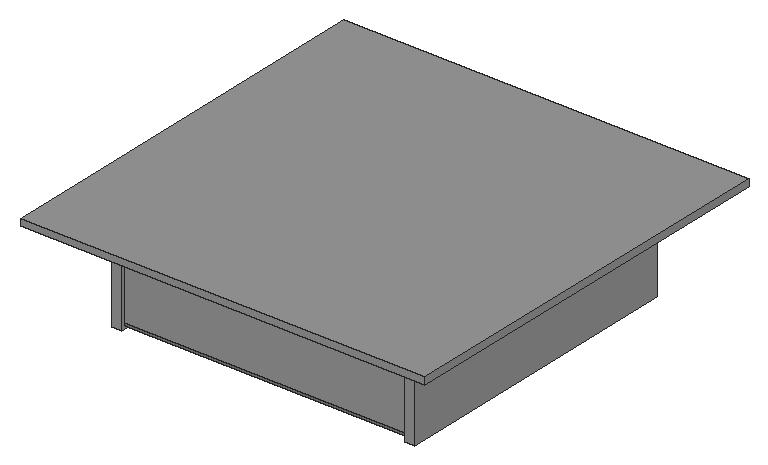
Revit family "Berica 2.0 M", category Lighting Fixtures, Revit 2020 (continued)
Definition of nested family "Light Source Berica 2.0"
  Parameters (values of type "L 45°x96°")
       24.87 25.22 25.72 26.25 \r\n26.85 27.36 28.03 28.61 29.32 30.01 30.82 31.59 32.40 \r\n33.34 34.09 35.02 35.83 36.75 37.63 38.51 39.51 40.42 \r\n41.37 42.26 43.28 44.23 45.18 46.15 47.36 48.49 49.77 \r\n50.93 52.11 53.32 54.40 55.62 56.69 57.76 58.81 59.88 \r\n61.04 62.09 63.04 64.12 65.31 66.67 67.90 69.45 70.95 \r\n72.72 74.62 76.53 78.93 81.13 83.95 86.83 89.98 93.65 \r\n97.55 101.47 105.59 110.58 115.98 121.40 127.16 133.38 \r\n139.61 145.98 152.16 158.51 164.65 170.96 176.90 182.81 \r\n188.20 193.74 198.38 202.68 206.83 210.39 213.80 216.68 \r\n219.05 221.11 222.67 223.68 224.33 224.73 224.84 224.51 \r\n224.51 224.85 224.73 224.18 223.52 222.40 220.61 218.57 \r\n215.64 212.60 209.11 204.76 200.48 195.58 190.08 184.61 \r\n178.64 172.82 166.11 159.75 153.03 146.76 140.07 133.58 \r\n127.42 121.25 115.82 110.35 105.36 100.56 96.94 93.05 \r\n89.65 86.24 83.60 80.91 78.50 76.33 74.23 72.52 70.88 \r\n69.35 67.96 66.70 65.52 64.55 63.76 62.81 61.73 60.80 \r\n59.79 58.87 58.04 57.02 55.96 54.87 53.75 52.63 51.62 \r\n50.45 49.42 48.33 47.44 46.51 45.67 44.76 43.94 42.93 \r\n42.13 41.21 40.38 39.58 38.68 37.88 37.00 36.19 35.39 \r\n34.55 33.83 33.01 32.32 31.59 30.88 30.25 29.73 29.02 \r\n28.48 27.79 27.16 26.82 26.63 26.82 27.16 27.79 28.48 \r\n29.02 29.73 30.25 30.88 31.59 32.32 33.01 33.83 34.55 \r\n35.39 36.19 37.00 37.88 38.68 39.58 40.38 41.21 42.13 \r\n42.93 43.94 44.76 45.67 46.51 47.44 48.33 49.42 50.45 \r\n51.62 52.63 53.75 54.87 55.96 57.02 58.04 58.87 59.79 \r\n60.80 61.73 62.81 63.76 64.55 65.52 66.70 67.96 69.35 \r\n70.88 72.52 74.23 76.33 78.50 80.91 83.60 86.24 89.65 \r\n93.05 96.94 100.56 105.36 110.35 115.82 121.25 127.42 \r\n133.58 140.07 146.76 153.03 159.75 166.11 172.82 178.64 \r\n184.61 190.08 195.58 200.48 204.76 209.11 212.60 215.64 \r\n218.57 220.61 222.40 223.52 224.18 224.73 224.85 224.51 \r\n224.51 224.85 224.62 224.09 223.41 222.02 220.24 217.52 \r\n214.56 211.18 207.43 203.18 198.07 192.98 187.63 181.13 \r\n174.94 168.52 161.77 155.07 148.43 141.32 135.10 128.54 \r\n122.44 116.58 110.87 105.84 101.04 96.81 93.22 89.60 \r\n86.43 83.55 80.74 78.48 76.23 74.35 72.55 70.92 69.42 \r\n68.10 66.95 65.83 65.00 64.30 63.41 62.54 61.67 60.82 \r\n60.07 59.30 58.43 57.43 56.39 55.48 54.46 53.42 52.39 \r\n51.42 50.53 49.60 48.89 47.97 47.18 46.38 45.52 44.77 \r\n43.94 43.10 42.24 41.44 40.61 39.89 39.06 38.27 37.51 \r\n36.63 35.88 35.14 34.45 33.71 33.03 32.38 31.78 31.07 \r\n30.49 29.51 28.91 28.52 28.38 28.52 28.91 29.51 30.49 \r\n31.07 31.78 32.38 33.03 33.71 34.45 35.14 35.88 36.63 \r\n37.51 38.27 39.06 39.89 40.61 41.44 42.24 43.10 43.94 \r\n44.77 45.52 46.38 47.18 47.97 48.89 49.60 50.53 51.42 \r\n52.39 53.42 54.46 55.48 56.39 57.43 58.43 59.30 60.07 \r\n60.82 61.67 62.54 63.41 64.30 65.00 65.83 66.95 68.10 \r\n69.42 70.92 72.55 74.35 76.23 78.48 80.74 83.55 86.43 \r\n89.60 93.22 96.81 101.04 105.84 110.87 116.58 122.44 \r\n128.54 135.10 141.32 148.43 155.07 161.77 168.52 174.94 \r\n181.13 187.63 192.98 198.07 203.18 207.43 211.18 214.56 \r\n217.52 220.24 222.02 223.41 224.09 224.62 224.85 224.51 \r\n224.51 224.83 224.54 224.06 223.17 221.81 219.64 217.04 \r\n213.90 210.13 206.10 201.47 196.65 190.89 184.51 178.42 \r\n172.12 164.92 158.06 151.34 144.30 137.30 131.25 124.47 \r\n118.46 112.58 107.27 102.21 97.74 93.80 90.27 86.92 84.10 \r\n81.32 78.78 76.59 74.70 72.86 71.29 69.88 68.50 67.43 \r\n66.22 65.61 64.89 64.12 63.26 62.51 61.83 61.24 60.57 \r\n59.80 58.94 57.99 57.12 56.13 55.26 54.33 53.43 52.51 \r\n51.81 51.07 50.31 49.51 48.78 48.11 47.22 46.48 45.65 \r\n44.92 44.07 43.33 42.55 41.80 40.95 40.20 39.36 38.54 \r\n37.81 37.04 36.32 35.60 34.92 34.20 33.54 32.76 31.97 \r\n31.09 30.27 29.95 29.82 29.95 30.27 31.09 31.97 32.76 \r\n33.54 34.20 34.92 35.60 36.32 37.04 37.81 38.54 39.36 \r\n40.20 40.95 41.80 42.55 43.33 44.07 44.92 45.65 46.48 \r\n47.22 48.11 48.78 49.51 50.31 51.07 51.81 52.51 53.43 \r\n54.33 55.26 56.13 57.12 57.99 58.94 59.80 60.57 61.24 \r\n61.83 62.51 63.26 64.12 64.89 65.61 66.22 67.43 68.50 \r\n69.88 71.29 72.86 74.70 76.59 78.78 81.32 84.10 86.92 \r\n90.27 93.80 97.74 102.21 107.27 112.58 118.46 124.47 \r\n131.25 137.30 144.30 151.34 158.06 164.92 172.12 178.42 \r\n184.51 190.89 196.65 201.47 206.10 210.13 213.90 217.04 \r\n219.64 221.81 223.17 224.06 224.54 224.83 224.51 \r\n224.51 224.75 224.51 223.94 223.03 221.55 219.24 216.55 \r\n213.16 209.15 204.90 199.87 194.58 188.95 182.79 176.28 \r\n169.52 162.08 155.17 147.92 141.30 134.27 127.71 121.44 \r\n115.01 109.51 104.34 99.68 95.12 91.51 88.24 85.18 82.24 \r\n79.73 77.36 75.24 73.46 71.75 70.24 68.97 67.74 66.75 \r\n66.00 65.40 64.63 63.95 63.40 62.80 62.26 61.72 61.03 \r\n60.19 59.40 58.53 57.71 56.84 55.98 55.12 54.36 53.59 \r\n53.01 52.30 51.59 50.91 50.14 49.48 48.69 47.98 47.25 \r\n46.50 45.67 45.01 44.16 43.42 42.52 41.77 40.95 40.12 \r\n39.41 38.66 37.88 37.13 36.45 35.62 34.97 34.13 33.25 \r\n32.17 31.36 30.97 30.97 30.97 31.36 32.17 33.25 34.13 \r\n34.97 35.62 36.45 37.13 37.88 38.66 39.41 40.12 40.95 \r\n41.77 42.52 43.42 44.16 45.01 45.67 46.50 47.25 47.98 \r\n48.69 49.48 50.14 50.91 51.59 52.30 53.01 53.59 54.36 \r\n55.12 55.98 56.84 57.71 58.53 59.40 60.19 61.03 61.72 \r\n62.26 62.80 63.40 63.95 64.63 65.40 66.00 66.75 67.74 \r\n68.97 70.24 71.75 73.46 75.24 77.36 79.73 82.24 85.18 \r\n88.24 91.51 95.12 99.68 104.34 109.51 115.01 121.44 \r\n127.71 134.27 141.30 147.92 155.17 162.08 169.52 176.28 \r\n182.79 188.95 194.58 199.87 204.90 209.15 213.16 216.55 \r\n219.24 221.55 223.03 223.94 224.51 224.75 224.51 \r\n224.51 224.74 224.43 223.90 222.92 221.40 219.10 216.10 \r\n212.63 208.61 203.97 199.16 193.51 187.47 180.94 174.36 \r\n167.23 160.65 153.18 145.68 139.06 131.68 125.25 118.68 \r\n113.06 107.21 102.22 97.94 93.63 89.78 86.71 83.78 80.99 \r\n78.37 76.23 74.33 72.46 70.91 69.51 68.30 67.17 66.33 \r\n65.75 65.12 64.57 64.03 63.49 63.00 62.59 62.01 61.34 \r\n60.65 59.80 59.01 58.20 57.45 56.67 55.82 55.15 54.56 \r\n53.87 53.29 52.59 51.96 51.27 50.55 49.95 49.22 48.44 \r\n47.75 46.97 46.20 45.45 44.62 43.86 43.03 42.22 41.47 \r\n40.61 39.82 38.99 38.27 37.53 36.84 35.95 35.17 34.15 \r\n32.98 32.14 31.81 31.74 31.81 32.14 32.98 34.15 35.17 \r\n35.95 36.84 37.53 38.27 38.99 39.82 40.61 41.47 42.22 \r\n43.03 43.86 44.62 45.45 46.20 46.97 47.75 48.44 49.22 \r\n49.95 50.55 51.27 51.96 52.59 53.29 53.87 54.56 55.15 \r\n55.82 56.67 57.45 58.20 59.01 59.80 60.65 61.34 62.01 \r\n62.59 63.00 63.49 64.03 64.57 65.12 65.75 66.33 67.17 \r\n68.30 69.51 70.91 72.46 74.33 76.23 78.37 80.99 83.78 \r\n86.71 89.78 93.63 97.94 102.22 107.21 113.06 118.68 \r\n125.25 131.68 139.06 145.68 153.18 160.65 167.23 174.36 \r\n180.94 187.47 193.51 199.16 203.97 208.61 212.63 216.10 \r\n219.10 221.40 222.92 223.90 224.43 224.74 224.51 \r\n224.51 224.69 224.46 223.78 222.88 221.10 218.81 215.70 \r\n212.30 208.20 203.50 198.02 192.85 186.72 180.01 173.12 \r\n166.27 159.24 151.67 144.53 137.56 130.11 123.71 117.48 \r\n111.63 106.23 101.14 96.57 92.56 88.84 85.66 82.75 80.12 \r\n77.78 75.61 73.69 71.99 70.37 69.10 67.87 66.78 66.05 \r\n65.44 64.95 64.53 64.05 63.61 63.15 62.69 62.14 61.46 \r\n60.75 60.00 59.18 58.48 57.73 57.00 56.25 55.63 55.04 \r\n54.47 53.82 53.21 52.59 51.88 51.25 50.59 49.85 49.18 \r\n48.39 47.70 46.88 46.19 45.28 44.57 43.72 42.89 42.12 \r\n41.22 40.52 39.73 38.97 38.18 37.38 36.62 35.64 34.61 \r\n33.49 32.49 32.29 32.16 32.29 32.49 33.49 34.61 35.64 \r\n36.62 37.38 38.18 38.97 39.73 40.52 41.22 42.12 42.89 \r\n43.72 44.57 45.28 46.19 46.88 47.70 48.39 49.18 49.85 \r\n50.59 51.25 51.88 52.59 53.21 53.82 54.47 55.04 55.63 \r\n56.25 57.00 57.73 58.48 59.18 60.00 60.75 61.46 62.14 \r\n62.69 63.15 63.61 64.05 64.53 64.95 65.44 66.05 66.78 \r\n67.87 69.10 70.37 71.99 73.69 75.61 77.78 80.12 82.75 \r\n85.66 88.84 92.56 96.57 101.14 106.23 111.63 117.48 \r\n123.71 130.11 137.56 144.53 151.67 159.24 166.27 173.12 \r\n180.01 186.72 192.85 198.02 203.50 208.20 212.30 215.70 \r\n218.81 221.10 222.88 223.78 224.46 224.69 224.51 \r\n224.51 224.52 224.12 223.51 222.21 220.27 217.90 214.88 \r\n211.09 206.84 201.88 196.44 190.50 185.22 178.05 171.58 \r\n164.32 157.55 149.52 143.11 135.34 128.78 122.08 115.76 \r\n109.84 104.79 99.84 95.64 91.63 88.04 84.87 82.15 79.31 \r\n77.31 75.19 73.28 71.60 70.22 68.86 67.78 66.65 65.83 \r\n65.40 64.96 64.60 64.27 63.79 63.38 62.88 62.35 61.69 \r\n60.96 60.13 59.44 58.71 57.98 57.22 56.48 55.90 55.32 \r\n54.79 54.06 53.50 52.80 52.19 51.50 50.82 50.08 49.45 \r\n48.64 47.94 47.16 46.33 45.50 44.83 43.77 43.09 42.25 \r\n41.37 40.58 39.76 38.95 38.26 37.42 36.55 35.56 34.30 \r\n33.23 32.44 32.29 32.23 32.29 32.44 33.23 34.30 35.56 \r\n36.55 37.42 38.26 38.95 39.76 40.58 41.37 42.25 43.09 \r\n43.77 44.83 45.50 46.33 47.16 47.94 48.64 49.45 50.08 \r\n50.82 51.50 52.19 52.80 53.50 54.06 54.79 55.32 55.90 \r\n56.48 57.22 57.98 58.71 59.44 60.13 60.96 61.69 62.35 \r\n62.88 63.38 63.79 64.27 64.60 64.96 65.40 65.83 66.65 \r\n67.78 68.86 70.22 71.60 73.28 75.19 77.31 79.31 82.15 \r\n84.87 88.04 91.63 95.64 99.84 104.79 109.84 115.76 122.08 \r\n128.78 135.34 143.11 149.52 157.55 164.32 171.58 178.05 \r\n185.22 190.50 196.44 201.88 206.84 211.09 214.88 217.90 \r\n220.27 222.21 223.51 224.12 224.52 224.51 \r\n224.51 224.69 224.46 223.78 222.88 221.10 218.81 215.70 \r\n212.30 208.20 203.50 198.02 192.85 186.72 180.01 173.12 \r\n166.27 159.24 151.67 144.53 137.56 130.11 123.71 117.48 \r\n111.63 106.23 101.14 96.57 92.56 88.84 85.66 82.75 80.12 \r\n77.78 75.61 73.69 71.99 70.37 69.10 67.87 66.78 66.05 \r\n65.44 64.95 64.53 64.05 63.61 63.15 62.69 62.14 61.46 \r\n60.75 60.00 59.18 58.48 57.73 57.00 56.25 55.63 55.04 \r\n54.47 53.82 53.21 52.59 51.88 51.25 50.59 49.85 49.18 \r\n48.39 47.70 46.88 46.19 45.28 44.57 43.72 42.89 42.12 \r\n41.22 40.52 39.73 38.97 38.18 37.38 36.62 35.64 34.61 \r\n33.49 32.49 32.29 32.16 32.29 32.49 33.49 34.61 35.64 \r\n36.62 37.38 38.18 38.97 39.73 40.52 41.22 42.12 42.89 \r\n43.72 44.57 45.28 46.19 46.88 47.70 48.39 49.18 49.85 \r\n50.59 51.25 51.88 52.59 53.21 53.82 54.47 55.04 55.63 \r\n56.25 57.00 57.73 58.48 59.18 60.00 60.75 61.46 62.14 \r\n62.69 63.15 63.61 64.05 64.53 64.95 65.44 66.05 66.78 \r\n67.87 69.10 70.37 71.99 73.69 75.61 77.78 80.12 82.75 \r\n85.66 88.84 92.56 96.57 101.14 106.23 111.63 117.48 \r\n123.71 130.11 137.56 144.53 151.67 159.24 166.27 173.12 \r\n180.01 186.72 192.85 198.02 203.50 208.20 212.30 215.70 \r\n218.81 221.10 222.88 223.78 224.46 224.69 224.51 \r\n224.51 224.74 224.43 223.90 222.92 221.40 219.10 216.10 \r\n212.63 208.61 203.97 199.16 193.51 187.47 180.94 174.36 \r\n167.23 160.65 153.18 145.68 139.06 131.68 125.25 118.68 \r\n113.06 107.21 102.22 97.94 93.63 89.78 86.71 83.78 80.99 \r\n78.37 76.23 74.33 72.46 70.91 69.51 68.30 67.17 66.33 \r\n65.75 65.12 64.57 64.03 63.49 63.00 62.59 62.01 61.34 \r\n60.65 59.80 59.01 58.20 57.45 56.67 55.82 55.15 54.56 \r\n53.87 53.29 52.59 51.96 51.27 50.55 49.95 49.22 48.44 \r\n47.75 46.97 46.20 45.45 44.62 43.86 43.03 42.22 41.47 \r\n40.61 39.82 38.99 38.27 37.53 36.84 35.95 35.17 34.15 \r\n32.98 32.14 31.81 31.74 31.81 32.14 32.98 34.15 35.17 \r\n35.95 36.84 37.53 38.27 38.99 39.82 40.61 41.47 42.22 \r\n43.03 43.86 44.62 45.45 46.20 46.97 47.75 48.44 49.22 \r\n49.95 50.55 51.27 51.96 52.59 53.29 53.87 54.56 55.15 \r\n55.82 56.67 57.45 58.20 59.01 59.80 60.65 61.34 62.01 \r\n62.59 63.00 63.49 64.03 64.57 65.12 65.75 66.33 67.17 \r\n68.30 69.51 70.91 72.46 74.33 76.23 78.37 80.99 83.78 \r\n86.71 89.78 93.63 97.94 102.22 107.21 113.06 118.68 \r\n125.25 131.68 139.06 145.68 153.18 160.65 167.23 174.36 \r\n180.94 187.47 193.51 199.16 203.97 208.61 212.63 216.10 \r\n219.10 221.40 222.92 223.90 224.43 224.74 224.51 \r\n224.51 224.75 224.51 223.94 223.03 221.55 219.24 216.55 \r\n213.16 209.15 204.90 199.87 194.58 188.95 182.79 176.28 \r\n169.52 162.08 155.17 147.92 141.30 134.27 127.71 121.44 \r\n115.01 109.51 104.34 99.68 95.12 91.51 88.24 85.18 82.24 \r\n79.73 77.36 75.24 73.46 71.75 70.24 68.97 67.74 66.75 \r\n66.00 65.40 64.63 63.95 63.40 62.80 62.26 61.72 61.03 \r\n60.19 59.40 58.53 57.71 56.84 55.98 55.12 54.36 53.59 \r\n53.01 52.30 51.59 50.91 50.14 49.48 48.69 47.98 47.25 \r\n46.50 45.67 45.01 44.16 43.42 42.52 41.77 40.95 40.12 \r\n39.41 38.66 37.88 37.13 36.45 35.62 34.97 34.13 33.25 \r\n32.17 31.36 30.97 30.97 30.97 31.36 32.17 33.25 34.13 \r\n34.97 35.62 36.45 37.13 37.88 38.66 39.41 40.12 40.95 \r\n41.77 42.52 43.42 44.16 45.01 45.67 46.50 47.25 47.98 \r\n48.69 49.48 50.14 50.91 51.59 52.30 53.01 53.59 54.36 \r\n55.12 55.98 56.84 57.71 58.53 59.40 60.19 61.03 61.72 \r\n62.26 62.80 63.40 63.95 64.63 65.40 66.00 66.75 67.74 \r\n68.97 70.24 71.75 73.46 75.24 77.36 79.73 82.24 85.18 \r\n88.24 91.51 95.12 99.68 104.34 109.51 115.01 121.44 \r\n127.71 134.27 141.30 147.92 155.17 162.08 169.52 176.28 \r\n182.79 188.95 194.58 199.87 204.90 209.15 213.16 216.55 \r\n219.24 221.55 223.03 223.94 224.51 224.75 224.51 \r\n224.51 224.83 224.54 224.06 223.17 221.81 219.64 217.04 \r\n213.90 210.13 206.10 201.47 196.65 190.89 184.51 178.42 \r\n172.12 164.92 158.06 151.34 144.30 137.30 131.25 124.47 \r\n118.46 112.58 107.27 102.21 97.74 93.80 90.27 86.92 84.10 \r\n81.32 78.78 76.59 74.70 72.86 71.29 69.88 68.50 67.43 \r\n66.22 65.61 64.89 64.12 63.26 62.51 61.83 61.24 60.57 \r\n59.80 58.94 57.99 57.12 56.13 55.26 54.33 53.43 52.51 \r\n51.81 51.07 50.31 49.51 48.78 48.11 47.22 46.48 45.65 \r\n44.92 44.07 43.33 42.55 41.80 40.95 40.20 39.36 38.54 \r\n37.81 37.04 36.32 35.60 34.92 34.20 33.54 32.76 31.97 \r\n31.09 30.27 29.95 29.82 29.95 30.27 31.09 31.97 32.76 \r\n33.54 34.20 34.92 35.60 36.32 37.04 37.81 38.54 39.36 \r\n40.20 40.95 41.80 42.55 43.33 44.07 44.92 45.65 46.48 \r\n47.22 48.11 48.78 49.51 50.31 51.07 51.81 52.51 53.43 \r\n54.33 55.26 56.13 57.12 57.99 58.94 59.80 60.57 61.24 \r\n61.83 62.51 63.26 64.12 64.89 65.61 66.22 67.43 68.50 \r\n69.88 71.29 72.86 74.70 76.59 78.78 81.32 84.10 86.92 \r\n90.27 93.80 97.74 102.21 107.27 112.58 118.46 124.47 \r\n131.25 137.30 144.30 151.34 158.06 164.92 172.12 178.42 \r\n184.51 190.89 196.65 201.47 206.10 210.13 213.90 217.04 \r\n219.64 221.81 223.17 224.06 224.54 224.83 224.51 \r\n224.51 224.85 224.62 224.09 223.41 222.02 220.24 217.52 \r\n214.56 211.18 207.43 203.18 198.07 192.98 187.63 181.13 \r\n174.94 168.52 161.77 155.07 148.43 141.32 135.10 128.54 \r\n122.44 116.58 110.87 105.84 101.04 96.81 93.22 89.60 \r\n86.43 83.55 80.74 78.48 76.23 74.35 72.55 70.92 69.42 \r\n68.10 66.95 65.83 65.00 64.30 63.41 62.54 61.67 60.82 \r\n60.07 59.30 58.43 57.43 56.39 55.48 54.46 53.42 52.39 \r\n51.42 50.53 49.60 48.89 47.97 47.18 46.38 45.52 44.77 \r\n43.94 43.10 42.24 41.44 40.61 39.89 39.06 38.27 37.51 \r\n36.63 35.88 35.14 34.45 33.71 33.03 32.38 31.78 31.07 \r\n30.49 29.51 28.91 28.52 28.38 28.52 28.91 29.51 30.49 \r\n31.07 31.78 32.38 33.03 33.71 34.45 35.14 35.88 36.63 \r\n37.51 38.27 39.06 39.89 40.61 41.44 42.24 43.10 43.94 \r\n44.77 45.52 46.38 47.18 47.97 48.89 49.60 50.53 51.42 \r\n52.39 53.42 54.46 55.48 56.39 57.43 58.43 59.30 60.07 \r\n60.82 61.67 62.54 63.41 64.30 65.00 65.83 66.95 68.10 \r\n69.42 70.92 72.55 74.35 76.23 78.48 80.74 83.55 86.43 \r\n89.60 93.22 96.81 101.04 105.84 110.87 116.58 122.44 \r\n128.54 135.10 141.32 148.43 155.07 161.77 168.52 174.94 \r\n181.13 187.63 192.98 198.07 203.18 207.43 211.18 214.56 \r\n217.52 220.24 222.02 223.41 224.09 224.62 224.85 224.51 \r\n224.51 224.85 224.73 224.18 223.52 222.40 220.61 218.57 \r\n215.64 212.60 209.11 204.76 200.48 195.58 190.08 184.61 \r\n178.64 172.82 166.11 159.75 153.03 146.76 140.07 133.58 \r\n127.42 121.25 115.82 110.35 105.36 100.56 96.94 93.05 \r\n89.65 86.24 83.60 80.91 78.50 76.33 74.23 72.52 70.88 \r\n69.35 67.96 66.70 65.52 64.55 63.76 62.81 61.73 60.80 \r\n59.79 58.87 58.04 57.02 55.96 54.87 53.75 52.63 51.62 \r\n50.45 49.42 48.33 47.44 46.51 45.67 44.76 43.94 42.93 \r\n42.13 41.21 40.38 39.58 38.68 37.88 37.00 36.19 35.39 \r\n34.55 33.83 33.01 32.32 31.59 30.88 30.25 29.73 29.02 \r\n28.48 27.79 27.16 26.82 26.63 26.82 27.16 27.79 28.48 \r\n29.02 29.73 30.25 30.88 31.59 32.32 33.01 33.83 34.55 \r\n35.39 36.19 37.00 37.88 38.68 39.58 40.38 41.21 42.13 \r\n42.93 43.94 44.76 45.67 46.51 47.44 48.33 49.42 50.45 \r\n51.62 52.63 53.75 54.87 55.96 57.02 58.04 58.87 59.79 \r\n60.80 61.73 62.81 63.76 64.55 65.52 66.70 67.96 69.35 \r\n70.88 72.52 74.23 76.33 78.50 80.91 83.60 86.24 89.65 \r\n93.05 96.94 100.56 105.36 110.35 115.82 121.25 127.42 \r\n133.58 140.07 146.76 153.03 159.75 166.11 172.82 178.64 \r\n184.61 190.08 195.58 200.48 204.76 209.11 212.60 215.64 \r\n218.57 220.61 222.40 223.52 224.18 224.73 224.85 224.51 \r\n224.51 224.84 224.
